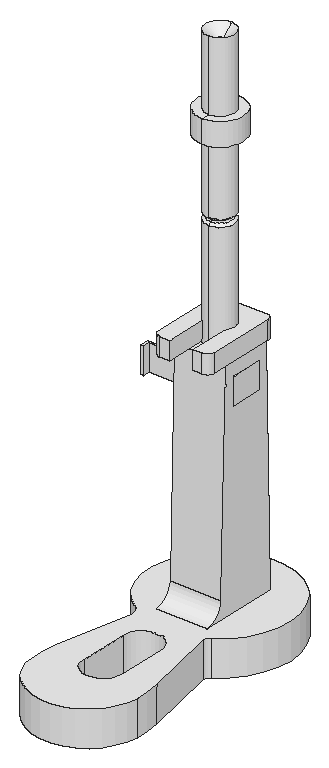
Revit family "Grohe_PlumbingFixtures_RapidSL_WallBrackets_3855800M_a", category Plumbing Fixtures, host Face, Revit 2016
Family settings
  Host = Face
  Part Type = Normal
  Round Connector Dimension = Use Diameter
  OmniClass Number = 23.45.05.00
  OmniClass Title = Sanitary Equipment
  Cut with Voids When Loaded = No
  Shared = No
  Room Calculation Point = No
Parameters (values of type "3855800M")
  _DistributedBy = "www.bimstore.co.uk"
  _CurrentRevision = 1
  _CreatedBy = "www.bimstore.co.uk"
  _BimSpecGuid = 0
  _BSBibleVersion = 15
  _AuthorizedBy = "Ryan Lashley"
  _Author = "Ryan Lashley"
  WarrantyStartDate [instance] = "Please Record On Commissioning."
  WarrantyGuarantorParts = "info-uk@grohe.com"
  WarrantyGuarantorLabor = "n/a"
  WarrantyDurationUnit = "Years"
  WarrantyDurationParts = "0"
  WarrantyDurationLabor = "0"
  WarrantyDescription = "n/a"
  URL = "https://www.grohe.co.uk/en_gb/"
  TypeName = "Rapid SL wall brackets"
  Type Comments = "3855800M"
  SpareParts = "n/a"
  Size = "n/a"
  Shape = "n/a"
  SerialNumber [instance] = "Please Record On Commissioning."
  ReplacementCost = "n/a"
  ReferencedStandard = "n/a"
  ProductionYear = "2018"
  ProductPageURL = "https://www.grohe.com/30898/search/search-result/product-details/?product=38558-D024&color=00M&material=3855800M"
  ProductDocumentationLink = "https://www.grohe.com/30898/search/search-result/product-details/?product=38558-D024&color=00M&material=3855800M"
  PercentageOfRecycledContent = "n/a"
  NominalLength = 230 mm
  NominalHeight = 0 mm
  NominalDepth = 0 mm
  NBSReference = "n/a"
  NBSOfficeMasterTag = "n/a"
  NBSObjectName = "Grohe - n/a"
  NBSNote = ""
  NBSDescription = "n/a"
  ModelReference = "Rapid SL wall brackets"
  ModelNumber = "3855800M"
  Model = "Rapid SL wall brackets"
  Material = "n/a"
  MasterformatTitle = "Sanitary Facilities"
  MasterformatNumber = "01 52 19"
  ManufacturerName = "Grohe"
  Manufacturer = "Grohe"
  LowEmittingMaterial = no
  LEEDCredit = "n/a"
  Keynote = "N13"
  InstallationDate [instance] = "Please Record On Commissioning."
  IndustryStandards = "n/a"
  IfcExportType = "IfcPipeFittingType"
  IfcExportAs = "IfcPipeFitting"
  HotWaterConnectionDiameter = 10 mm
  Grade = "n/a"
  Finish = "Stainless steel"
  Features = "for on-the-wall installations\r\nfor fixing the elements at the brick-wall \r\nor in front of the studded wall\r\nsteady vertical adjustment from \r\n130 - 230 mm\r\ncladding for single or series installation\r\nfixing material\r\n2 pieces"
  ExpectedLife = 0
  Ecojoy = no
  DurationUnit = "Years"
  DocumentationTechnical = "https://specifi.bimstore.co.uk/document/share/2426"
  DocumentationMaintenance = "n/a"
  DocumentationLiterature = "https://specifi.bimstore.co.uk/document/share/2426"
  DocumentationInstallationGuide = "https://specifi.bimstore.co.uk/document/share/2426"
  DocumentationCertificates = "n/a"
  Description = "for on-the-wall installations\r\nfor fixing the elements at the brick-wall \r\nor in front of the studded wall\r\nsteady vertical adjustment from \r\n130 - 230 mm\r\ncladding for single or series installation\r\nfixing material\r\n2 pieces"
  Default Elevation = 0 mm
  CreatedOn = "2018-02-01T09:00:00"
  CreatedBy = "info-uk@grohe.com"
  Cost = 0
  Constituents = "n/a"
  Color = "Silver"
  ColdWaterConnectionDiameter = 10 mm
  CodePerformance = "n/a"
  ClassificationValue = "n/a"
  ClassificationName = "Uniclass2015"
  BarCode [instance] = "Please Record On Commissioning."
  BIMObjectName = "Grohe_PlumbingFixtures_RapidSL_WallBrackets_3855800M"
  AssetType = "Fixed"
  AssetIdentifier [instance] = "Please Record On Commissioning."
  Assembly Code = "C1030"
  AccessibilityPerformance = "n/a"
  ADACompliant = no
Reference planes
  plane 1 "Center (Front/Back)": y = 0
  plane 2: z = 0
  plane 3 "Center (Left/Right)": x = 0
Forms (mm)
  Extrusion 1, solid, material "Steel, Chrome Plated"
    sketch origin (0, 0, 0) x (1, 0, 0) y (0, 1, 0)
      loop
        arc (10.875, -16.706) -> (0, 19.933) -> (-10.875, -16.706) r 19.933
        arc (-10.875, -16.706) -> (-10.122, -17.609) -> (-10.006, -18.779) r 2
        line (-10.006, -18.779) -> (-14.428, -40.591)
        arc (-14.428, -40.591) -> (-14.951, -44.436) -> (-14.974, -48.317) r 30
        arc (-14.974, -48.317) -> (0, -62.434) -> (14.974, -48.317) r 15
        arc (14.974, -48.317) -> (14.951, -44.436) -> (14.428, -40.591) r 30
        line (14.428, -40.591) -> (10.006, -18.779)
        arc (10.006, -18.779) -> (10.122, -17.609) -> (10.875, -16.706) r 2
      loop
        line (-5.5, -27.934) -> (-5.5, -41.934)
        arc (-5.5, -41.934) -> (0, -47.434) -> (5.5, -41.934) r 5.5
        line (5.5, -41.934) -> (5.5, -27.934)
        arc (5.5, -27.934) -> (0, -22.434) -> (-5.5, -27.934) r 5.5
    from 0 to 10.011
  Extrusion 2, solid, material "Steel, Chrome Plated"
    sketch origin (0, 0, 0) x (1, 0, 0) y (0, 1, 0)
      loop
        line (-17.5, 4.066) -> (7, 4.066) -> (7, -4.066) -> (-17.5, -4.066) -> (-17.5, -6.366) -> (-16.7, -6.366) -> (-16.7, -4.566) -> (7.5, -4.566) -> (7.5, 4.566) -> (-16.7, 4.566) -> (-16.7, 6.366) -> (-17.5, 6.366) -> (-17.5, 4.066)
    from 63.235 to 70.698
  Extrusion 3, solid, material "Steel, Chrome Plated"
    sketch origin (0, 0, 0) x (0, 1, 0) y (0, 0, 1)
      loop
        line (-7.102, 75) -> (-8.676, 14.88)
        arc (-8.676, 14.88) -> (-10.185, 11.43) -> (-13.674, 10.011) r 5
        line (-13.674, 10.011) -> (8.803, 10.011) -> (7.102, 75) -> (-7.102, 75)
    from -7.273 to 7.273
  Revolve 4, solid, material "Steel, Chrome Plated"
    sketch origin (0, 0, 0) x (0, 1, 0) y (0, 0, 1)
      loop
        line (0, 25) -> (4.066, 25) -> (4.066, 106.481) -> (3.265, 107.106)
        arc (3.265, 107.106) -> (3.073, 107.5) -> (3.265, 107.894) r 0.5
        line (3.265, 107.894) -> (4.066, 108.519) -> (4.066, 128.5) -> (6.566, 128.5) -> (6.566, 134.971) -> (4.066, 134.971) -> (4.066, 155) -> (0.923, 152.455) -> (0, 152.455) -> (0, 25)
      axis (0, 155) -> (0, 25)
    angle from 0 to 360
  Extrusion 5, solid, material "Steel, Chrome Plated"
    sketch origin (0, 0, 0) x (1, 0, 0) y (0, 1, 0)
      loop
        line (-3.35, -13.934) -> (-3.35, 0)
        arc (-3.35, 0) -> (0, 3.35) -> (3.35, 0) r 3.35
        line (3.35, 0) -> (3.35, -13.934) -> (5.962, -13.934)
        arc (5.962, -13.934) -> (7.377, -13.349) -> (7.962, -11.934) r 2
        line (7.962, -11.934) -> (7.962, 7.066)
        arc (7.962, 7.066) -> (7.377, 8.48) -> (5.962, 9.066) r 2
        line (5.962, 9.066) -> (-5.962, 9.066)
        arc (-5.962, 9.066) -> (-7.377, 8.48) -> (-7.962, 7.066) r 2
        line (-7.962, 7.066) -> (-7.962, -11.934)
        arc (-7.962, -11.934) -> (-7.377, -13.349) -> (-5.962, -13.934) r 2
        line (-5.962, -13.934) -> (-3.35, -13.934)
    from 75 to 80.2
Cuts and joins
  joined: Extrusion 1, Extrusion 2, Extrusion 3, Revolve 4, Extrusion 5
Dimensions and locks
  aligned and locked: plane 2 to host face
  aligned and locked: level to host face
